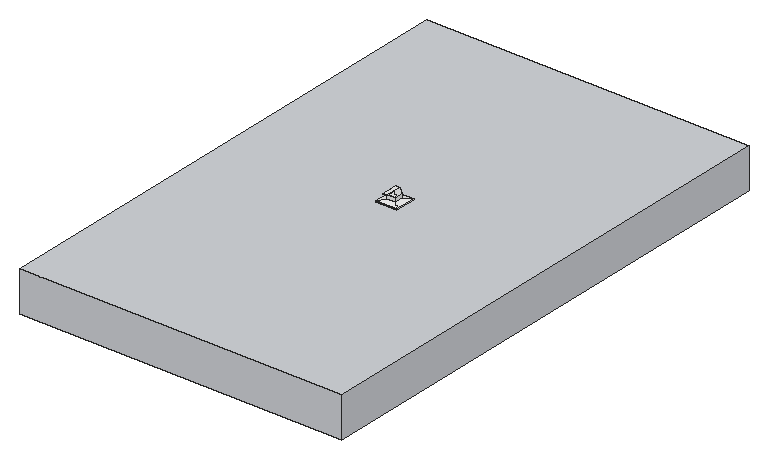
Revit family "Trim-Wall_Hung-Grohe-Allure_Brilliant-1447100", category Plumbing Fixtures, host Face, Revit 2014
Parameters (values of type "14471000")
  Width = 6 1/4"  # constant formula
  Waste Connection = no
  Warranty Documentation Link = "https://cdn.cloud.grohe.com/tpi/1000/1900/1940/1949/1949006/original/1949006.pdf"
  WFU = 4  # constant formula
  Vent Connection = no
  URL = "https://www.grohe.us/"
  Type Comments = ""
  Tempered Connection Radius = Tempered Connection Diameter / 2  # 1/4"
  Tempered Connection Diameter = Hot Water Connection Diameter  # 1/2"
  Shipping Weight = 0.000 lbf
  Product Page URL = ""
  Price = "Prices may vary. Please consult Manufacturer Representative for most up-to-date price list."  # constant formula
  Model = "14471000"
  Material = "Brass-Grohe-000-Starlight Chrome"
  Manufacturer = "Grohe"
  Length = 3 3/8"  # constant formula
  Installation Type = "Wall Mounted"
  Hot Water Connection Radius = Hot Water Connection Diameter / 2  # 1/4"
  Hot Water Connection Diameter = Cold Water Connection Diameter  # 1/2"
  Height = 6 3/4"  # constant formula
  HWFU = 3  # constant formula
  HW Connection = yes
  Flow Rate = "5.2 gpm - 3.0 gpm (19 L/min)"
  Finish = Brass-Grohe-000-Starlight Chrome
  Description = "Allure Brilliant Pressure Balance Trim with Cartridge"  # constant formula
  Default Elevation = 44"  # constant formula
  Creation Date = "03/11/2020"  # constant formula
  Cold Water Connection Radius = 1/4"  # constant formula
  Cold Water Connection Diameter = Cold Water Connection Radius * 2  # 1/2"
  CWFU = 3  # constant formula
  CW Connection = yes
  Assembly Code = "D2010710"
Reference planes (in)
  plane 1 "Center (Front/Back)": y = 0
  plane 2: z = 0
  plane 3 "Center (Left/Right)": x = 0
  plane 4: y = 3.34375
  plane 5: y = -3.34375
  plane 6: x = 3.34375
  plane 7: x = -3.34375
  plane 8: z = 0.75
  plane 9: y = 1.25
  plane 10: y = -1.25
  plane 11: x = -1.25
  plane 12: x = 1.25
  plane 13: x = -3.125
  plane 14: x = 3.125
  plane 15: y = 3.125
  plane 16: y = -3.125
  plane 17: z = 3.375
  plane 18: y = -3.625
Forms (in)
  Extrusion 1, solid
    sketch origin (0, 0, 0) x (1, 0, 0) y (0, 1, 0)
      loop
        line (-48, 72) -> (-48, -79.70833) -> (48, -79.70833) -> (48, 72) -> (-48, 72)
    from 0 to -12
  Sweep 2, solid, material "Brass-Grohe-000-Starlight Chrome" <- "Finish"
    path origin (0, 0, 0) x (1, 0, 0) y (0, 1, 0)
      loop
        line (-3.34375, 3.34375) -> (-3.34375, -3.34375) -> (3.34375, -3.34375) -> (3.34375, 3.34375) -> (-3.34375, 3.34375)
    profile origin (0, 3.34375, 0) x (0, 1, 0) y (0, 0, 1)
      loop
        line (-0.21875, 0) -> (-0.21875, 0.30718) -> (-2.3125, 0.75) -> (-2.55826, 0.75) -> (-2.55826, 0) -> (-0.21875, 0)
  Extrusion 3, solid, material "Brass-Grohe-000-Starlight Chrome" <- "Finish"
    sketch origin (0, 0, 0) x (1, 0, 0) y (0, 1, 0)
      loop
        line (-1.25, 1.25) -> (-1.25, -1.25) -> (1.25, -1.25) -> (1.25, 1.25) -> (-1.25, 1.25)
    from 0 to 1.74049
  Blend 4, solid, material "Brass-Grohe-000-Starlight Chrome" <- "Finish"
    base sketch origin (0, 0, 0) x (1, 0, 0) y (0, 1, 0)
      loop
        line (-1.25, 1.25) -> (-1.25, -1.25) -> (1.25, -1.25) -> (1.25, 1.25) -> (-1.25, 1.25)
    top sketch origin (0, 0, 0) x (1, 0, 0) y (0, 1, 0)
      loop
        line (-0.58467, 1.09375) -> (-0.58467, -0.59375) -> (0.58467, -0.59375) -> (0.58467, 1.09375) -> (-0.58467, 1.09375)
    from 1.76092 to 3.375
  Extrusion 5, solid, material "Brass-Grohe-000-Starlight Chrome" <- "Finish"
    sketch origin (0, 0, 0) x (1, 0, 0) y (0, 1, 0)
      loop
        circle (0, 0) r 1.15098
    from 0 to 1.80387
  Extrusion 6, solid, material "Brass-Grohe-000-Starlight Chrome" <- "Finish"
    sketch origin (0, 0, 0) x (1, 0, 0) y (0, 1, 0)
      loop
        line (-0.89369, 1.09375) -> (-0.89369, -3.625) -> (0.80253, -3.625) -> (0.80253, 1.09375) -> (-0.89369, 1.09375)
    from 3.28316 to 3.375
  Extrusion 7, void
    sketch origin (0, 0, 0) x (1, 0, 0) y (0, 0, 1)
      loop
        line (1.25, 1.76092) -> (0.80253, 3.375) -> (0.58467, 3.375) -> (1.25, 1.76092)
      loop
        line (-0.58467, 3.375) -> (-0.89369, 3.375) -> (-1.24723, 1.76764) -> (-0.58467, 3.375)
    from -1.72777 to 12
Cuts and joins
  Extrusion 7 cuts Extrusion 6
  joined: Sweep 2, Extrusion 3, Blend 4, Extrusion 5, Extrusion 6
Lines and regions (in)
  Masking region 1
    outline origin (0, 0, 0) x (1, 0, 0) y (0, 0, 1)
      loop
        line (3.125, 0) -> (3.125, 0.30718) -> (1.25, 0.70373) -> (1.25, 1.76092) -> (0.58467, 3.375) -> (-0.58225, 3.375) -> (-1.25, 1.75505) -> (-1.25, 0.70373) -> (-3.125, 0.30718) -> (-3.125, 0) -> (3.125, 0)
  symbolic lines, detail levels medium+fine
    curve 1: line (1.25, 0, 0.70373) -> (-1.25, 0, 0.70373)
    curve 3: line (1.25, 0, 1.76092) -> (-1.25, 0, 1.76092)
  symbolic lines, detail levels fine
    curve 2: line (3.125, 0, 0.30718) -> (-3.125, 0, 0.30718)
Dimensions and locks (in)
  equal spacing: plane 4, plane 1 "Center (Front/Back)", plane 5
  plane 4 to plane 5 = 6 11/16"
  plane 8 to level = 3/4"
  aligned and locked: plane 2 to Extrusion 1
  aligned and locked: level to Extrusion 1
Automatic sketch dimensions
  Extrusion 1 sketch curve to Extrusion 1 sketch curve = 96"
  Extrusion 1 sketch curve to Extrusion 1 sketch curve = 151.70833"
  Sweep 2 sketch curve to plane 5 = 0"
  Sweep 2 sketch curve to plane 7 = 0"
  Sweep 2 sketch curve to plane 6 = 0"
  plane 4 to Sweep 2 sketch curve = 0"
  plane 10 to Extrusion 3 sketch curve = 0"
  Extrusion 3 sketch curve to plane 11 = 0"
  Extrusion 3 sketch curve to plane 12 = 0"
  Extrusion 3 sketch curve to plane 9 = 0"
  Sweep 2 sketch curve to level = 0"
  level to Sweep 2 sketch curve = 3/4"
  profile plane to Sweep 2 sketch curve = 2.55826"
  Sweep 2 sketch curve to Sweep 2 sketch curve = 0.24576"
  profile plane to Sweep 2 sketch curve = 7/32"
  level to Sweep 2 sketch curve = 0.30718"
  plane 10 to Blend 4 sketch curve = 0"
  Blend 4 sketch curve to plane 11 = 0"
  Blend 4 sketch curve to plane 12 = 0"
  Blend 4 sketch curve to plane 9 = 0"
  Blend 4 sketch curve to plane 10 = 21/32"
  Blend 4 sketch curve to plane 9 = 5/32"
  Blend 4 sketch curve to plane 3 "Center (Left/Right)" = 0.58467"
  plane 3 "Center (Left/Right)" to Blend 4 sketch curve = 0.58467"
  plane 1 "Center (Front/Back)" to Extrusion 5 sketch curve = 0"
  Extrusion 5 sketch curve to plane 3 "Center (Left/Right)" = 0"
  plane 18 to Extrusion 6 sketch curve = 0"
  Extrusion 6 sketch curve to plane 3 "Center (Left/Right)" = 0.89369"
  plane 3 "Center (Left/Right)" to Extrusion 6 sketch curve = 0.80253"
  Extrusion 6 sketch curve to plane 9 = 5/32"
  plane 7 to Masking region 1 sketch curve = 7/32"
  Masking region 1 sketch curve to plane 8 = 0.04627"  (x2)
  plane 11 to Masking region 1 sketch curve = 0"
  Masking region 1 sketch curve to plane 12 = 0"
  plane 6 to Masking region 1 sketch curve = 7/32"
  Masking region 1 sketch curve to level = 0"
  plane 17 to Masking region 1 sketch curve = 0"
  plane 3 "Center (Left/Right)" to Masking region 1 sketch curve = 0.58467"
  level to Masking region 1 sketch curve = 0.30718"  (x2)
  plane 8 to Masking region 1 sketch curve = 1.01092"
  Masking region 1 sketch curve to plane 3 "Center (Left/Right)" = 0.58225"
  plane 8 to Masking region 1 sketch curve = 1.00505"
  plane 7 to curve 2 = 7/32"
  plane 11 to curve 3 = 0"
  plane 11 to curve 1 = 0"
  curve 3 to plane 12 = 0"
  plane 12 to curve 1 = 0"
  plane 6 to curve 2 = 7/32"
  level to curve 2 = 0.30718"
  curve 1 to plane 8 = 0.04627"
  plane 8 to curve 3 = 1.01092"
  Extrusion 7 sketch curve to plane 11 = 0.00277"
  Extrusion 7 sketch curve to plane 17 = 0"  (x2)
  Extrusion 7 sketch curve to plane 12 = 0"
  Extrusion 7 sketch curve to plane 12 = 0.44747"
  plane 8 to Extrusion 7 sketch curve = 1.01092"
  Extrusion 7 sketch curve to plane 11 = 0.35631"
  Extrusion 7 sketch curve to Extrusion 7 sketch curve = 0.30902"
  Extrusion 7 sketch curve to Extrusion 7 sketch curve = 0.21786"
  plane 8 to Extrusion 7 sketch curve = 1.01764"
  radius of Extrusion 5 sketch curve = 1.15098"
Connectors (in)
  piping at (0, 0, 0), diameter 0.5, driven by "Tempered Connection Diameter"
    settings: on cut or joined group of Sweep 2, Extrusion 3, Blend 4, Extrusion 5, Extrusion 6, Extrusion 7, index 1, connector inside diameter 24", connector length 0", flow factor 0, pipe flow 0 GPM, pressure drop 0.00 psi, fitting loss kfactor 0, connector angle 0.00°, fixture units 0, engagement length 0", angle of deflection 0.00°, flow configuration 0, flow direction 1, fitting loss method 0, system type 29, joint type 0, gender type 0, connector reference index -1, connector utility 0, adjustable connector no, is connector primary yes, connector description "1/2\" NPT Supply Inlet"
